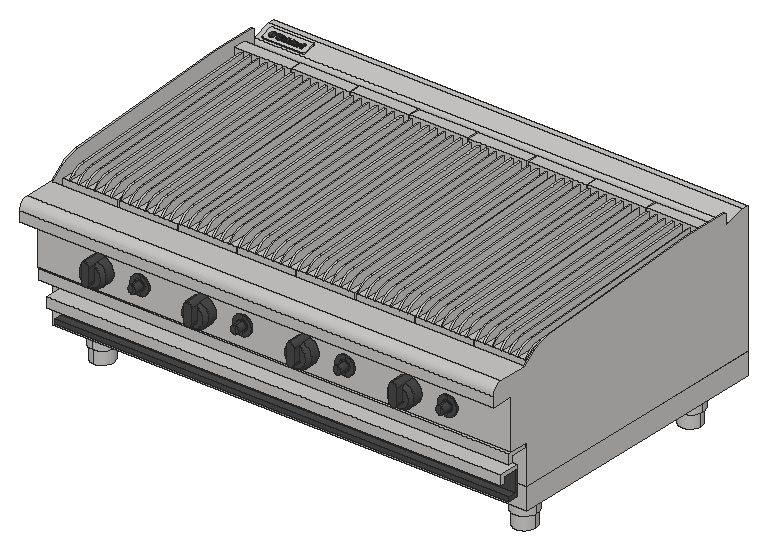
Revit family "QF_MOFFAT WALDORF_CHL8120G-B", category Specialty Equipment, Revit 2012
Parameters
  Weight in Pounds = 0
  URL Cutsheet = "www.moffat.com"
  URL = "www.moffat.com"
  Type Mark [instance] = ""
  Status [instance] = ""
  Specification by User [instance] = ""
  Specification by Manufacturer = ""
  Show Logo [instance] = yes
  Serial Number = ""
  Seismic Rating = ""
  SMACNA No = ""
  Revision Code [instance] = ""
  Omniclass Number and Title = ""
  NAFEM Spec ID Number = ""
  Model = "CHL8120G-B"
  Mechanical Remarks [instance] = ""
  Mechanical Connection Type [instance] = ""
  Masterspec = ""
  Manufacturer = "MOFFAT WALDORF"
  Item Number [instance] = ""
  Installed By [instance] = ""
  Identify Quantity as Lot [instance] = yes
  Gas Size = 3/4"
  Gas RI Height [instance] = 0 mm
  Gas KW [instance] = 36.6
  Gas Input [instance] = 126060.0 Btu/h
  Gas Connection Height = 0 mm
  Furnished By [instance] = ""
  Foodservice Equipment Identifier [instance] = yes
  Description = "CHARGRILL LOW SPLASHBACK BENCH MOUNT"
  CSI MasterFormat = ""
  CSI Master Format = ""
  Body Finish = QF_Finishes_Stainless Steel
Reference planes
  plane 1 "BACK": y = 0
  plane 2: z = 0
  plane 3 "LEFT": x = 0
  plane 4 "RIGHT": x = 1200
  plane 5 "FRONT": y = -805
  plane 6 "TOP": z = 630
  plane 7 "Center Y": x = 600
  plane 8 "Center X": y = -402.5
  plane 9: z = 470
Forms (mm)
  Extrusion 1, solid, material "QF_Finishes_Stainless Steel" <- "Body Finish"
    sketch origin (0, 0, 0) x (0, 1, 0) y (0, 0, 1)
      loop
        line (-805, 391) -> (-805, 366) -> (-749, 366) -> (-749, 240) -> (-699, 240) -> (-699, 140) -> (0, 140) -> (0, 470) -> (-16.5, 470) -> (-61.106, 457.646)
        arc (-61.106, 457.646) -> (-67.52, 453.36) -> (-70, 446.055) r 12
        line (-70, 446.055) -> (-70, 375) -> (-705, 375) -> (-705, 415) -> (-781, 415)
        arc (-781, 415) -> (-797.971, 407.971) -> (-805, 391) r 24
      loop
        line (0, 85) -> (0, 139.206) -> (-699, 139.206) -> (-699, 85) -> (0, 85)
    from 0 to 1200
  Revolve 2, solid, material "QF_Finishes_Stainless Steel" <- "Body Finish"
    sketch origin (424.5, -625, 0) x (1, 0, 0) y (0, 0, -1)
      loop
        line (678.25, -85) -> (710, -85) -> (710, 0) -> (682.5, 0) -> (682.5, -35) -> (678.25, -35) -> (678.25, -85)
      axis (710, -85) -> (710, 0)
    angle from 0 to 360
  Revolve 3, solid, material "QF_Finishes_Stainless Steel" <- "Body Finish"
    sketch origin (424.5, -100, 0) x (1, 0, 0) y (0, 0, -1)
      loop
        line (678.25, -85) -> (710, -85) -> (710, 0) -> (682.5, 0) -> (682.5, -35) -> (678.25, -35) -> (678.25, -85)
      axis (710, -85) -> (710, 0)
    angle from 0 to 360
  Revolve 4, solid, material "QF_Finishes_Stainless Steel" <- "Body Finish"
    sketch origin (65.5, -735, 0) x (0, 1, 0) y (0, 0, 1)
      loop
        line (78.25, 85) -> (78.25, 35) -> (82.5, 35) -> (82.5, 0) -> (110, 0) -> (110, 85) -> (78.25, 85)
      axis (110, 85) -> (110, 0)
    angle from 0 to 360
  Revolve 5, solid, material "QF_Finishes_Stainless Steel" <- "Body Finish"
    sketch origin (65.5, -210, 0) x (0, 1, 0) y (0, 0, 1)
      loop
        line (78.25, 85) -> (78.25, 35) -> (82.5, 35) -> (82.5, 0) -> (110, 0) -> (110, 85) -> (78.25, 85)
      axis (110, 85) -> (110, 0)
    angle from 0 to 360
  Extrusion 6, solid, material "QF_Finishes_Stainless Steel" <- "Body Finish"
    sketch origin (0, 0, 0) x (0, 1, 0) y (0, 0, 1)
      loop
        line (-70, 375) -> (-70, 480)
        arc (-70, 480) -> (-71.464, 483.536) -> (-75, 485) r 5
        line (-75, 485) -> (-191, 485) -> (-626.365, 454.556)
        arc (-626.365, 454.556) -> (-652.77, 449.064) -> (-676.747, 436.715) r 100
        line (-676.747, 436.715) -> (-705, 415) -> (-705, 375) -> (-70, 375)
    from 0 to 4.5
  Extrusion 7, solid, material "QF_Finishes_Stainless Steel" <- "Body Finish"
    sketch origin (1200, 0, 0) x (0, 1, 0) y (0, 0, -1)
      loop
        line (-70, -375) -> (-705, -375) -> (-705, -415) -> (-676.747, -436.715)
        arc (-676.747, -436.715) -> (-652.77, -449.064) -> (-626.365, -454.556) r 100
        line (-626.365, -454.556) -> (-191, -485) -> (-75, -485)
        arc (-75, -485) -> (-71.464, -483.536) -> (-70, -480) r 5
        line (-70, -480) -> (-70, -375)
    from 0 to 3
  Revolve 8, solid, material "QF_Finishes_Black"
    sketch origin (168, 0, 0) x (0, 1, 0) y (0, 0, 1)
      loop
        line (-782, 329.5) -> (-793, 323.651) -> (-793, 297) -> (-749, 297) -> (-749, 302) -> (-759, 302) -> (-759, 329.5) -> (-782, 329.5)
      axis (-793, 297) -> (-749, 297)
    angle from 0 to 360
  Extrusion 9, solid, material "QF_Finishes_Black"
    sketch origin (29.887, 0, 0) x (1, 0, 0) y (0, 0, 1)
      loop
        line (148.3, 289) -> (148.3, 324)
        arc (148.3, 324) -> (138.3, 334) -> (128.3, 324) r 10
        line (128.3, 324) -> (128.3, 289)
        arc (128.3, 289) -> (138.3, 279) -> (148.3, 289) r 10
    from 759 to 808
  Revolve 10, solid, material "QF_Finishes_Black"
    sketch origin (428, 0, 0) x (0, 1, 0) y (0, 0, -1)
      loop
        line (-782, -329.5) -> (-759, -329.5) -> (-759, -302) -> (-749, -302) -> (-749, -297) -> (-793, -297) -> (-793, -323.651) -> (-782, -329.5)
      axis (-793, -297) -> (-749, -297)
    angle from 0 to 360
  Extrusion 11, solid, material "QF_Finishes_Black"
    sketch origin (266.198, 0, 0) x (-1, 0, 0) y (0, 0, -1)
      loop
        arc (-151.7, -289) -> (-161.7, -279) -> (-171.7, -289) r 10
        line (-171.7, -289) -> (-171.7, -324)
        arc (-171.7, -324) -> (-161.7, -334) -> (-151.7, -324) r 10
        line (-151.7, -324) -> (-151.7, -289)
    from 759 to 808
  Revolve 12, solid, material "QF_Finishes_Black"
    sketch origin (268.187, 0, 0) x (0, 1, 0) y (0, 0, 1)
      loop
        line (-759, 302) -> (-759, 321) -> (-761.705, 321) -> (-761.705, 309.85) -> (-762.85, 309.85) -> (-762.85, 306.825) -> (-784.88, 306.825) -> (-784.88, 297) -> (-749, 297) -> (-749, 302) -> (-759, 302)
      axis (-749, 297) -> (-784.88, 297)
    angle from 0 to 360
  Revolve 13, solid, material "QF_Finishes_Black"
    sketch origin (528.014, 0, 0) x (0, 1, 0) y (0, 0, 1)
      loop
        line (-759, 302) -> (-759, 321) -> (-761.705, 321) -> (-761.705, 309.85) -> (-762.85, 309.85) -> (-762.85, 306.825) -> (-784.88, 306.825) -> (-784.88, 297) -> (-749, 297) -> (-749, 302) -> (-759, 302)
      axis (-749, 297) -> (-784.88, 297)
    angle from 0 to 360
  Extrusion 14, solid, material "QF_Finishes_Stainless Steel"
    sketch origin (276, 0, 0) x (0, 1, 0) y (0, 0, 1)
      loop
        line (-132, 410.364) -> (-132, 462.849) -> (-630.852, 432.53)
        arc (-630.852, 432.53) -> (-656.098, 425.97) -> (-677, 410.364) r 67.81
        line (-677, 410.364) -> (-132, 410.364)
    from 0 to 4.5
  Extrusion 15, solid, material "QF_Finishes_Stainless Steel"
    sketch origin (255, 0, 0) x (0, 1, 0) y (0, 0, 1)
      loop
        line (-132, 410.364) -> (-132, 462.849) -> (-630.852, 432.53)
        arc (-630.852, 432.53) -> (-656.098, 425.97) -> (-677, 410.364) r 67.81
        line (-677, 410.364) -> (-132, 410.364)
    from 0 to 4.5
  Extrusion 16, solid, material "QF_Finishes_Stainless Steel"
    sketch origin (234, 0, 0) x (0, 1, 0) y (0, 0, 1)
      loop
        line (-132, 410.364) -> (-132, 462.849) -> (-630.852, 432.53)
        arc (-630.852, 432.53) -> (-656.098, 425.97) -> (-677, 410.364) r 67.81
        line (-677, 410.364) -> (-132, 410.364)
    from 0 to 4.5
  Extrusion 17, solid, material "QF_Finishes_Stainless Steel"
    sketch origin (213, 0, 0) x (0, 1, 0) y (0, 0, 1)
      loop
        line (-132, 410.364) -> (-132, 462.849) -> (-630.852, 432.53)
        arc (-630.852, 432.53) -> (-656.098, 425.97) -> (-677, 410.364) r 67.81
        line (-677, 410.364) -> (-132, 410.364)
    from 0 to 4.5
  Extrusion 18, solid, material "QF_Finishes_Stainless Steel"
    sketch origin (192, 0, 0) x (0, 1, 0) y (0, 0, 1)
      loop
        line (-132, 410.364) -> (-132, 462.849) -> (-630.852, 432.53)
        arc (-630.852, 432.53) -> (-656.098, 425.97) -> (-677, 410.364) r 67.81
        line (-677, 410.364) -> (-132, 410.364)
    from 0 to 4.5
  Extrusion 19, solid, material "QF_Finishes_Stainless Steel"
    sketch origin (171, 0, 0) x (0, 1, 0) y (0, 0, 1)
      loop
        line (-132, 410.364) -> (-132, 462.849) -> (-630.852, 432.53)
        arc (-630.852, 432.53) -> (-656.098, 425.97) -> (-677, 410.364) r 67.81
        line (-677, 410.364) -> (-132, 410.364)
    from 0 to 4.5
  Extrusion 20, solid, material "QF_Finishes_Stainless Steel"
    sketch origin (150, 0, 0) x (0, 1, 0) y (0, 0, 1)
      loop
        line (-132, 410.364) -> (-132, 462.849) -> (-630.852, 432.53)
        arc (-630.852, 432.53) -> (-656.098, 425.97) -> (-677, 410.364) r 67.81
        line (-677, 410.364) -> (-132, 410.364)
    from 0 to 4.5
  Extrusion 21, solid, material "QF_Finishes_Stainless Steel"
    sketch origin (126, 0, 0) x (0, 1, 0) y (0, 0, 1)
      loop
        line (-132, 410.364) -> (-132, 462.849) -> (-630.852, 432.53)
        arc (-630.852, 432.53) -> (-656.098, 425.97) -> (-677, 410.364) r 67.81
        line (-677, 410.364) -> (-132, 410.364)
    from 0 to 4.5
  Extrusion 22, solid, material "QF_Finishes_Stainless Steel"
    sketch origin (105, 0, 0) x (0, 1, 0) y (0, 0, 1)
      loop
        line (-132, 410.364) -> (-132, 462.849) -> (-630.852, 432.53)
        arc (-630.852, 432.53) -> (-656.098, 425.97) -> (-677, 410.364) r 67.81
        line (-677, 410.364) -> (-132, 410.364)
    from 0 to 4.5
  Extrusion 23, solid, material "QF_Finishes_Stainless Steel"
    sketch origin (84, 0, 0) x (0, 1, 0) y (0, 0, 1)
      loop
        line (-132, 410.364) -> (-132, 462.849) -> (-630.852, 432.53)
        arc (-630.852, 432.53) -> (-656.098, 425.97) -> (-677, 410.364) r 67.81
        line (-677, 410.364) -> (-132, 410.364)
    from 0 to 4.5
  Extrusion 24, solid, material "QF_Finishes_Stainless Steel"
    sketch origin (63, 0, 0) x (0, 1, 0) y (0, 0, 1)
      loop
        line (-132, 410.364) -> (-132, 462.849) -> (-630.852, 432.53)
        arc (-630.852, 432.53) -> (-656.098, 425.97) -> (-677, 410.364) r 67.81
        line (-677, 410.364) -> (-132, 410.364)
    from 0 to 4.5
  Extrusion 25, solid, material "QF_Finishes_Stainless Steel"
    sketch origin (42, 0, 0) x (0, 1, 0) y (0, 0, 1)
      loop
        line (-132, 410.364) -> (-132, 462.849) -> (-630.852, 432.53)
        arc (-630.852, 432.53) -> (-656.098, 425.97) -> (-677, 410.364) r 67.81
        line (-677, 410.364) -> (-132, 410.364)
    from 0 to 4.5
  Extrusion 26, solid, material "QF_Finishes_Stainless Steel"
    sketch origin (21, 0, 0) x (0, 1, 0) y (0, 0, 1)
      loop
        line (-132, 410.364) -> (-132, 462.849) -> (-630.852, 432.53)
        arc (-630.852, 432.53) -> (-656.098, 425.97) -> (-677, 410.364) r 67.81
        line (-677, 410.364) -> (-132, 410.364)
    from 0 to 4.5
  Extrusion 27, solid, material "QF_Finishes_Stainless Steel"
    sketch origin (426, 0, 0) x (0, 1, 0) y (0, 0, 1)
      loop
        line (-132, 410.364) -> (-132, 462.849) -> (-630.852, 432.53)
        arc (-630.852, 432.53) -> (-656.098, 425.97) -> (-677, 410.364) r 67.81
        line (-677, 410.364) -> (-132, 410.364)
    from 0 to 4.5
  Extrusion 28, solid, material "QF_Finishes_Stainless Steel"
    sketch origin (405, 0, 0) x (0, 1, 0) y (0, 0, 1)
      loop
        line (-132, 410.364) -> (-132, 462.849) -> (-630.852, 432.53)
        arc (-630.852, 432.53) -> (-656.098, 425.97) -> (-677, 410.364) r 67.81
        line (-677, 410.364) -> (-132, 410.364)
    from 0 to 4.5
  Extrusion 29, solid, material "QF_Finishes_Stainless Steel"
    sketch origin (384, 0, 0) x (0, 1, 0) y (0, 0, 1)
      loop
        line (-132, 410.364) -> (-132, 462.849) -> (-630.852, 432.53)
        arc (-630.852, 432.53) -> (-656.098, 425.97) -> (-677, 410.364) r 67.81
        line (-677, 410.364) -> (-132, 410.364)
    from 0 to 4.5
  Extrusion 30, solid, material "QF_Finishes_Stainless Steel"
    sketch origin (363, 0, 0) x (0, 1, 0) y (0, 0, 1)
      loop
        line (-132, 410.364) -> (-132, 462.849) -> (-630.852, 432.53)
        arc (-630.852, 432.53) -> (-656.098, 425.97) -> (-677, 410.364) r 67.81
        line (-677, 410.364) -> (-132, 410.364)
    from 0 to 4.5
  Extrusion 31, solid, material "QF_Finishes_Stainless Steel"
    sketch origin (342, 0, 0) x (0, 1, 0) y (0, 0, 1)
      loop
        line (-132, 410.364) -> (-132, 462.849) -> (-630.852, 432.53)
        arc (-630.852, 432.53) -> (-656.098, 425.97) -> (-677, 410.364) r 67.81
        line (-677, 410.364) -> (-132, 410.364)
    from 0 to 4.5
  Extrusion 32, solid, material "QF_Finishes_Stainless Steel"
    sketch origin (321, 0, 0) x (0, 1, 0) y (0, 0, 1)
      loop
        line (-132, 410.364) -> (-132, 462.849) -> (-630.852, 432.53)
        arc (-630.852, 432.53) -> (-656.098, 425.97) -> (-677, 410.364) r 67.81
        line (-677, 410.364) -> (-132, 410.364)
    from 0 to 4.5
  Extrusion 33, solid, material "QF_Finishes_Stainless Steel"
    sketch origin (300, 0, 0) x (0, 1, 0) y (0, 0, 1)
      loop
        line (-132, 410.364) -> (-132, 462.849) -> (-630.852, 432.53)
        arc (-630.852, 432.53) -> (-656.098, 425.97) -> (-677, 410.364) r 67.81
        line (-677, 410.364) -> (-132, 410.364)
    from 0 to 4.5
  Extrusion 34, solid, material "QF_Finishes_Stainless Steel"
    sketch origin (576, 0, 0) x (0, 1, 0) y (0, 0, 1)
      loop
        line (-132, 410.364) -> (-132, 462.849) -> (-630.852, 432.53)
        arc (-630.852, 432.53) -> (-656.098, 425.97) -> (-677, 410.364) r 67.81
        line (-677, 410.364) -> (-132, 410.364)
    from 0 to 4.5
  Extrusion 35, solid, material "QF_Finishes_Stainless Steel"
    sketch origin (555, 0, 0) x (0, 1, 0) y (0, 0, 1)
      loop
        line (-132, 410.364) -> (-132, 462.849) -> (-630.852, 432.53)
        arc (-630.852, 432.53) -> (-656.098, 425.97) -> (-677, 410.364) r 67.81
        line (-677, 410.364) -> (-132, 410.364)
    from 0 to 4.5
  Extrusion 36, solid, material "QF_Finishes_Stainless Steel"
    sketch origin (534, 0, 0) x (0, 1, 0) y (0, 0, 1)
      loop
        line (-132, 410.364) -> (-132, 462.849) -> (-630.852, 432.53)
        arc (-630.852, 432.53) -> (-656.098, 425.97) -> (-677, 410.364) r 67.81
        line (-677, 410.364) -> (-132, 410.364)
    from 0 to 4.5
  Extrusion 37, solid, material "QF_Finishes_Stainless Steel"
    sketch origin (513, 0, 0) x (0, 1, 0) y (0, 0, 1)
      loop
        line (-132, 410.364) -> (-132, 462.849) -> (-630.852, 432.53)
        arc (-630.852, 432.53) -> (-656.098, 425.97) -> (-677, 410.364) r 67.81
        line (-677, 410.364) -> (-132, 410.364)
    from 0 to 4.5
  Extrusion 38, solid, material "QF_Finishes_Stainless Steel"
    sketch origin (492, 0, 0) x (0, 1, 0) y (0, 0, 1)
      loop
        line (-132, 410.364) -> (-132, 462.849) -> (-630.852, 432.53)
        arc (-630.852, 432.53) -> (-656.098, 425.97) -> (-677, 410.364) r 67.81
        line (-677, 410.364) -> (-132, 410.364)
    from 0 to 4.5
  Extrusion 39, solid, material "QF_Finishes_Stainless Steel"
    sketch origin (471, 0, 0) x (0, 1, 0) y (0, 0, 1)
      loop
        line (-132, 410.364) -> (-132, 462.849) -> (-630.852, 432.53)
        arc (-630.852, 432.53) -> (-656.098, 425.97) -> (-677, 410.364) r 67.81
        line (-677, 410.364) -> (-132, 410.364)
    from 0 to 4.5
  Extrusion 40, solid, material "QF_Finishes_Stainless Steel"
    sketch origin (450, 0, 0) x (0, 1, 0) y (0, 0, 1)
      loop
        line (-132, 410.364) -> (-132, 462.849) -> (-630.852, 432.53)
        arc (-630.852, 432.53) -> (-656.098, 425.97) -> (-677, 410.364) r 67.81
        line (-677, 410.364) -> (-132, 410.364)
    from 0 to 4.5
  Extrusion 41, solid, material "QF_Finishes_Stainless Steel"
    sketch origin (1, 3, -500) x (1, 0, 0) y (0, 1, 0)
      loop
        circle (215, -35) r 13.5
    from 555 to 585
  Extrusion 42, solid, material "QF_Finishes_Black"
    sketch origin (1, 0, 0) x (0, 1, 0) y (0, 0, 1)
      loop
        line (-704, 171.797) -> (-704, 118.047) -> (-724, 118.047) -> (-724, 108.047) -> (-685.346, 108.047) -> (-685.346, 171.797) -> (-704, 171.797)
    from 24.12 to 1174.007
  Extrusion 43, solid, material "QF_Finishes_Stainless Steel"
    sketch origin (0, 0, 0) x (0, 1, 0) y (0, 0, 1)
      loop
        line (-751.27, 211.219) -> (-741.27, 211.219) -> (-741.27, 226.219) -> (-699, 226.219) -> (-699, 236.219) -> (-751.27, 236.219) -> (-751.27, 211.219)
    from 5.013 to 1195
  Extrusion 44, solid, material "QF_Finishes_Stainless Steel"
    sketch origin (0, 0, -54.422) x (0, 1, 0) y (0, 0, 1)
      loop
        line (-751.27, 211.219) -> (-741.27, 211.219) -> (-741.27, 226.219) -> (-685.346, 226.219) -> (-685.346, 236.219) -> (-751.27, 236.219) -> (-751.27, 211.219)
    from 25.12 to 1175.007
  Extrusion 45, solid, material "QF_Finishes_Stainless Steel"
    sketch origin (0, 0, 0) x (0, 1, 0) y (0, 0, 1)
      loop
        line (-132, 410.364) -> (-677, 410.364) -> (-677, 375) -> (-102, 375) -> (-102, 470) -> (-132, 470) -> (-132, 410.364)
    from 4.5 to 147
  Extrusion 46, solid, material "QF_Finishes_Stainless Steel"
    sketch origin (145.5, 0, 0) x (0, 1, 0) y (0, 0, 1)
      loop
        line (-132, 410.364) -> (-677, 410.364) -> (-677, 375) -> (-102, 375) -> (-102, 470) -> (-132, 470) -> (-132, 410.364)
    from 4.5 to 151.5
  Extrusion 47, solid, material "QF_Finishes_Stainless Steel"
    sketch origin (295.5, 0, 0) x (0, 1, 0) y (0, 0, 1)
      loop
        line (-132, 410.364) -> (-677, 410.364) -> (-677, 375) -> (-102, 375) -> (-102, 470) -> (-132, 470) -> (-132, 410.364)
    from 4.5 to 151.5
  Extrusion 48, solid, material "QF_Finishes_Stainless Steel"
    sketch origin (445.5, 0, 0) x (0, 1, 0) y (0, 0, 1)
      loop
        line (-132, 410.364) -> (-677, 410.364) -> (-677, 375) -> (-102, 375) -> (-102, 470) -> (-132, 470) -> (-132, 410.364)
    from 4.5 to 151.5
  Extrusion 49, solid, material "QF_Finishes_Stainless Steel"
    sketch origin (726, 0, 0) x (0, 1, 0) y (0, 0, 1)
      loop
        line (-132, 410.364) -> (-132, 462.849) -> (-630.852, 432.53)
        arc (-630.852, 432.53) -> (-656.098, 425.97) -> (-677, 410.364) r 67.81
        line (-677, 410.364) -> (-132, 410.364)
    from 0 to 4.5
  Extrusion 50, solid, material "QF_Finishes_Stainless Steel"
    sketch origin (705, 0, 0) x (0, 1, 0) y (0, 0, 1)
      loop
        line (-132, 410.364) -> (-132, 462.849) -> (-630.852, 432.53)
        arc (-630.852, 432.53) -> (-656.098, 425.97) -> (-677, 410.364) r 67.81
        line (-677, 410.364) -> (-132, 410.364)
    from 0 to 4.5
  Extrusion 51, solid, material "QF_Finishes_Stainless Steel"
    sketch origin (684, 0, 0) x (0, 1, 0) y (0, 0, 1)
      loop
        line (-132, 410.364) -> (-132, 462.849) -> (-630.852, 432.53)
        arc (-630.852, 432.53) -> (-656.098, 425.97) -> (-677, 410.364) r 67.81
        line (-677, 410.364) -> (-132, 410.364)
    from 0 to 4.5
  Extrusion 52, solid, material "QF_Finishes_Stainless Steel"
    sketch origin (663, 0, 0) x (0, 1, 0) y (0, 0, 1)
      loop
        line (-132, 410.364) -> (-132, 462.849) -> (-630.852, 432.53)
        arc (-630.852, 432.53) -> (-656.098, 425.97) -> (-677, 410.364) r 67.81
        line (-677, 410.364) -> (-132, 410.364)
    from 0 to 4.5
  Extrusion 53, solid, material "QF_Finishes_Stainless Steel"
    sketch origin (642, 0, 0) x (0, 1, 0) y (0, 0, 1)
      loop
        line (-132, 410.364) -> (-132, 462.849) -> (-630.852, 432.53)
        arc (-630.852, 432.53) -> (-656.098, 425.97) -> (-677, 410.364) r 67.81
        line (-677, 410.364) -> (-132, 410.364)
    from 0 to 4.5
  Extrusion 54, solid, material "QF_Finishes_Stainless Steel"
    sketch origin (621, 0, 0) x (0, 1, 0) y (0, 0, 1)
      loop
        line (-132, 410.364) -> (-132, 462.849) -> (-630.852, 432.53)
        arc (-630.852, 432.53) -> (-656.098, 425.97) -> (-677, 410.364) r 67.81
        line (-677, 410.364) -> (-132, 410.364)
    from 0 to 4.5
  Extrusion 55, solid, material "QF_Finishes_Stainless Steel"
    sketch origin (600, 0, 0) x (0, 1, 0) y (0, 0, 1)
      loop
        line (-132, 410.364) -> (-132, 462.849) -> (-630.852, 432.53)
        arc (-630.852, 432.53) -> (-656.098, 425.97) -> (-677, 410.364) r 67.81
        line (-677, 410.364) -> (-132, 410.364)
    from 0 to 4.5
  Extrusion 56, solid, material "QF_Finishes_Stainless Steel"
    sketch origin (595.5, 0, 0) x (0, 1, 0) y (0, 0, 1)
      loop
        line (-132, 410.364) -> (-677, 410.364) -> (-677, 375) -> (-102, 375) -> (-102, 470) -> (-132, 470) -> (-132, 410.364)
    from 4.5 to 151.5
  Extrusion 57, solid, material "QF_Finishes_Stainless Steel"
    sketch origin (876, 0, 0) x (0, 1, 0) y (0, 0, 1)
      loop
        line (-132, 410.364) -> (-132, 462.849) -> (-630.852, 432.53)
        arc (-630.852, 432.53) -> (-656.098, 425.97) -> (-677, 410.364) r 67.81
        line (-677, 410.364) -> (-132, 410.364)
    from 0 to 4.5
  Extrusion 58, solid, material "QF_Finishes_Stainless Steel"
    sketch origin (855, 0, 0) x (0, 1, 0) y (0, 0, 1)
      loop
        line (-132, 410.364) -> (-132, 462.849) -> (-630.852, 432.53)
        arc (-630.852, 432.53) -> (-656.098, 425.97) -> (-677, 410.364) r 67.81
        line (-677, 410.364) -> (-132, 410.364)
    from 0 to 4.5
  Extrusion 59, solid, material "QF_Finishes_Stainless Steel"
    sketch origin (834, 0, 0) x (0, 1, 0) y (0, 0, 1)
      loop
        line (-132, 410.364) -> (-132, 462.849) -> (-630.852, 432.53)
        arc (-630.852, 432.53) -> (-656.098, 425.97) -> (-677, 410.364) r 67.81
        line (-677, 410.364) -> (-132, 410.364)
    from 0 to 4.5
  Extrusion 60, solid, material "QF_Finishes_Stainless Steel"
    sketch origin (813, 0, 0) x (0, 1, 0) y (0, 0, 1)
      loop
        line (-132, 410.364) -> (-132, 462.849) -> (-630.852, 432.53)
        arc (-630.852, 432.53) -> (-656.098, 425.97) -> (-677, 410.364) r 67.81
        line (-677, 410.364) -> (-132, 410.364)
    from 0 to 4.5
  Extrusion 61, solid, material "QF_Finishes_Stainless Steel"
    sketch origin (792, 0, 0) x (0, 1, 0) y (0, 0, 1)
      loop
        line (-132, 410.364) -> (-132, 462.849) -> (-630.852, 432.53)
        arc (-630.852, 432.53) -> (-656.098, 425.97) -> (-677, 410.364) r 67.81
        line (-677, 410.364) -> (-132, 410.364)
    from 0 to 4.5
  Extrusion 62, solid, material "QF_Finishes_Stainless Steel"
    sketch origin (771, 0, 0) x (0, 1, 0) y (0, 0, 1)
      loop
        line (-132, 410.364) -> (-132, 462.849) -> (-630.852, 432.53)
        arc (-630.852, 432.53) -> (-656.098, 425.97) -> (-677, 410.364) r 67.81
        line (-677, 410.364) -> (-132, 410.364)
    from 0 to 4.5
  Extrusion 63, solid, material "QF_Finishes_Stainless Steel"
    sketch origin (750, 0, 0) x (0, 1, 0) y (0, 0, 1)
      loop
        line (-132, 410.364) -> (-132, 462.849) -> (-630.852, 432.53)
        arc (-630.852, 432.53) -> (-656.098, 425.97) -> (-677, 410.364) r 67.81
        line (-677, 410.364) -> (-132, 410.364)
    from 0 to 4.5
  Extrusion 64, solid, material "QF_Finishes_Stainless Steel"
    sketch origin (745.5, 0, 0) x (0, 1, 0) y (0, 0, 1)
      loop
        line (-132, 410.364) -> (-677, 410.364) -> (-677, 375) -> (-102, 375) -> (-102, 470) -> (-132, 470) -> (-132, 410.364)
    from 4.5 to 151.5
  Revolve 65, solid, material "QF_Finishes_Black"
    sketch origin (688, 0, 0) x (0, 1, 0) y (0, 0, -1)
      loop
        line (-782, -329.5) -> (-759, -329.5) -> (-759, -302) -> (-749, -302) -> (-749, -297) -> (-793, -297) -> (-793, -323.651) -> (-782, -329.5)
      axis (-793, -297) -> (-749, -297)
    angle from 0 to 360
  Extrusion 66, solid, material "QF_Finishes_Black"
    sketch origin (526.309, 0, 0) x (-1, 0, 0) y (0, 0, -1)
      loop
        arc (-151.7, -289) -> (-161.7, -279) -> (-171.7, -289) r 10
        line (-171.7, -289) -> (-171.7, -324)
        arc (-171.7, -324) -> (-161.7, -334) -> (-151.7, -324) r 10
        line (-151.7, -324) -> (-151.7, -289)
    from 759 to 808
  Revolve 67, solid, material "QF_Finishes_Black"
    sketch origin (788.014, 0, 0) x (0, 1, 0) y (0, 0, 1)
      loop
        line (-759, 302) -> (-759, 321) -> (-761.705, 321) -> (-761.705, 309.85) -> (-762.85, 309.85) -> (-762.85, 306.825) -> (-784.88, 306.825) -> (-784.88, 297) -> (-749, 297) -> (-749, 302) -> (-759, 302)
      axis (-749, 297) -> (-784.88, 297)
    angle from 0 to 360
  Revolve 68, solid, material "QF_Finishes_Black"
    sketch origin (948, 0, 0) x (0, 1, 0) y (0, 0, -1)
      loop
        line (-782, -329.5) -> (-759, -329.5) -> (-759, -302) -> (-749, -302) -> (-749, -297) -> (-793, -297) -> (-793, -323.651) -> (-782, -329.5)
      axis (-793, -297) -> (-749, -297)
    angle from 0 to 360
  Extrusion 69, solid, material "QF_Finishes_Black"
    sketch origin (786.309, 0, 0) x (-1, 0, 0) y (0, 0, -1)
      loop
        arc (-151.7, -289) -> (-161.7, -279) -> (-171.7, -289) r 10
        line (-171.7, -289) -> (-171.7, -324)
        arc (-171.7, -324) -> (-161.7, -334) -> (-151.7, -324) r 10
        line (-151.7, -324) -> (-151.7, -289)
    from 759 to 808
  Revolve 70, solid, material "QF_Finishes_Black"
    sketch origin (1048.014, 0, 0) x (0, 1, 0) y (0, 0, 1)
      loop
        line (-759, 302) -> (-759, 321) -> (-761.705, 321) -> (-761.705, 309.85) -> (-762.85, 309.85) -> (-762.85, 306.825) -> (-784.88, 306.825) -> (-784.88, 297) -> (-749, 297) -> (-749, 302) -> (-759, 302)
      axis (-749, 297) -> (-784.88, 297)
    angle from 0 to 360
  Extrusion 71, solid, material "QF_Finishes_Stainless Steel"
    sketch origin (1026, 0, 0) x (0, 1, 0) y (0, 0, 1)
      loop
        line (-132, 410.364) -> (-132, 462.849) -> (-630.852, 432.53)
        arc (-630.852, 432.53) -> (-656.098, 425.97) -> (-677, 410.364) r 67.81
        line (-677, 410.364) -> (-132, 410.364)
    from 0 to 4.5
  Extrusion 72, solid, material "QF_Finishes_Stainless Steel"
    sketch origin (1005, 0, 0) x (0, 1, 0) y (0, 0, 1)
      loop
        line (-132, 410.364) -> (-132, 462.849) -> (-630.852, 432.53)
        arc (-630.852, 432.53) -> (-656.098, 425.97) -> (-677, 410.364) r 67.81
        line (-677, 410.364) -> (-132, 410.364)
    from 0 to 4.5
  Extrusion 73, solid, material "QF_Finishes_Stainless Steel"
    sketch origin (984, 0, 0) x (0, 1, 0) y (0, 0, 1)
      loop
        line (-132, 410.364) -> (-132, 462.849) -> (-630.852, 432.53)
        arc (-630.852, 432.53) -> (-656.098, 425.97) -> (-677, 410.364) r 67.81
        line (-677, 410.364) -> (-132, 410.364)
    from 0 to 4.5
  Extrusion 74, solid, material "QF_Finishes_Stainless Steel"
    sketch origin (963, 0, 0) x (0, 1, 0) y (0, 0, 1)
      loop
        line (-132, 410.364) -> (-132, 462.849) -> (-630.852, 432.53)
        arc (-630.852, 432.53) -> (-656.098, 425.97) -> (-677, 410.364) r 67.81
        line (-677, 410.364) -> (-132, 410.364)
    from 0 to 4.5
  Extrusion 75, solid, material "QF_Finishes_Stainless Steel"
    sketch origin (942, 0, 0) x (0, 1, 0) y (0, 0, 1)
      loop
        line (-132, 410.364) -> (-132, 462.849) -> (-630.852, 432.53)
        arc (-630.852, 432.53) -> (-656.098, 425.97) -> (-677, 410.364) r 67.81
        line (-677, 410.364) -> (-132, 410.364)
    from 0 to 4.5
  Extrusion 76, solid, material "QF_Finishes_Stainless Steel"
    sketch origin (921, 0, 0) x (0, 1, 0) y (0, 0, 1)
      loop
        line (-132, 410.364) -> (-132, 462.849) -> (-630.852, 432.53)
        arc (-630.852, 432.53) -> (-656.098, 425.97) -> (-677, 410.364) r 67.81
        line (-677, 410.364) -> (-132, 410.364)
    from 0 to 4.5
  Extrusion 77, solid, material "QF_Finishes_Stainless Steel"
    sketch origin (900, 0, 0) x (0, 1, 0) y (0, 0, 1)
      loop
        line (-132, 410.364) -> (-132, 462.849) -> (-630.852, 432.53)
        arc (-630.852, 432.53) -> (-656.098, 425.97) -> (-677, 410.364) r 67.81
        line (-677, 410.364) -> (-132, 410.364)
    from 0 to 4.5
  Extrusion 78, solid, material "QF_Finishes_Stainless Steel"
    sketch origin (895.5, 0, 0) x (0, 1, 0) y (0, 0, 1)
      loop
        line (-132, 410.364) -> (-677, 410.364) -> (-677, 375) -> (-102, 375) -> (-102, 470) -> (-132, 470) -> (-132, 410.364)
    from 4.5 to 151.5
  Extrusion 79, solid, material "QF_Finishes_Stainless Steel"
    sketch origin (1176, 0, 0) x (0, 1, 0) y (0, 0, 1)
      loop
        line (-132, 410.364) -> (-132, 462.849) -> (-630.852, 432.53)
        arc (-630.852, 432.53) -> (-656.098, 425.97) -> (-677, 410.364) r 67.81
        line (-677, 410.364) -> (-132, 410.364)
    from 0 to 4.5
  Extrusion 80, solid, material "QF_Finishes_Stainless Steel"
    sketch origin (1155, 0, 0) x (0, 1, 0) y (0, 0, 1)
      loop
        line (-132, 410.364) -> (-132, 462.849) -> (-630.852, 432.53)
        arc (-630.852, 432.53) -> (-656.098, 425.97) -> (-677, 410.364) r 67.81
        line (-677, 410.364) -> (-132, 410.364)
    from 0 to 4.5
  Extrusion 81, solid, material "QF_Finishes_Stainless Steel"
    sketch origin (1134, 0, 0) x (0, 1, 0) y (0, 0, 1)
      loop
        line (-132, 410.364) -> (-132, 462.849) -> (-630.852, 432.53)
        arc (-630.852, 432.53) -> (-656.098, 425.97) -> (-677, 410.364) r 67.81
        line (-677, 410.364) -> (-132, 410.364)
    from 0 to 4.5
  Extrusion 82, solid, material "QF_Finishes_Stainless Steel"
    sketch origin (1113, 0, 0) x (0, 1, 0) y (0, 0, 1)
      loop
        line (-132, 410.364) -> (-132, 462.849) -> (-630.852, 432.53)
        arc (-630.852, 432.53) -> (-656.098, 425.97) -> (-677, 410.364) r 67.81
        line (-677, 410.364) -> (-132, 410.364)
    from 0 to 4.5
  Extrusion 83, solid, material "QF_Finishes_Stainless Steel"
    sketch origin (1092, 0, 0) x (0, 1, 0) y (0, 0, 1)
      loop
        line (-132, 410.364) -> (-132, 462.849) -> (-630.852, 432.53)
        arc (-630.852, 432.53) -> (-656.098, 425.97) -> (-677, 410.364) r 67.81
        line (-677, 410.364) -> (-132, 410.364)
    from 0 to 4.5
  Extrusion 84, solid, material "QF_Finishes_Stainless Steel"
    sketch origin (1071, 0, 0) x (0, 1, 0) y (0, 0, 1)
      loop
        line (-132, 410.364) -> (-132, 462.849) -> (-630.852, 432.53)
        arc (-630.852, 432.53) -> (-656.098, 425.97) -> (-677, 410.364) r 67.81
        line (-677, 410.364) -> (-132, 410.364)
    from 0 to 4.5
  Extrusion 85, solid, material "QF_Finishes_Stainless Steel"
    sketch origin (1050, 0, 0) x (0, 1, 0) y (0, 0, 1)
      loop
        line (-132, 410.364) -> (-132, 462.849) -> (-630.852, 432.53)
        arc (-630.852, 432.53) -> (-656.098, 425.97) -> (-677, 410.364) r 67.81
        line (-677, 410.364) -> (-132, 410.364)
    from 0 to 4.5
  Extrusion 86, solid, material "QF_Finishes_Stainless Steel"
    sketch origin (1045.5, 0, 0) x (0, 1, 0) y (0, 0, 1)
      loop
        line (-132, 410.364) -> (-677, 410.364) -> (-677, 375) -> (-102, 375) -> (-102, 470) -> (-132, 470) -> (-132, 410.364)
    from 4.5 to 151.5
Cuts and joins
  joined: Revolve 8, Extrusion 9
  joined: Revolve 10, Extrusion 11
  joined: Extrusion 1, Extrusion 6, Extrusion 7
Lines and regions (mm)
  Split face 1
    outline origin (0, -16.5, 470) x (0, -0.963721, -0.266912) y (1, 0, 0)
      loop
        line (1.962, 129.583) -> (28.336, 129.583) -> (28.336, 149.583) -> (1.962, 149.583) -> (1.962, 129.583)
  Split face 2
    outline origin (0, -16.5, 470) x (0, -0.963721, -0.266912) y (1, 0, 0)
      loop
        line (28.336, 156.5) -> (28.336, 176.5) -> (1.962, 176.5) -> (1.962, 156.5) -> (28.336, 156.5)
  Split face 3
    outline origin (0, -16.5, 470) x (0, -0.963721, -0.266912) y (1, 0, 0)
      loop
        line (28.336, 203.5) -> (1.962, 203.5) -> (1.962, 183.5) -> (28.336, 183.5) -> (28.336, 203.5)
  Split face 4
    outline origin (0, -16.5, 470) x (0, -0.963721, -0.266912) y (1, 0, 0)
      loop
        line (28.336, 230.5) -> (1.962, 230.5) -> (1.962, 210.5) -> (28.336, 210.5) -> (28.336, 230.5)
  Split face 5
    outline origin (0, -16.5, 470) x (0, -0.963721, -0.266912) y (1, 0, 0)
      loop
        line (28.336, 257.5) -> (1.962, 257.5) -> (1.962, 237.5) -> (28.336, 237.5) -> (28.336, 257.5)
  Split face 6
    outline origin (0, -16.5, 470) x (0, -0.963721, -0.266912) y (1, 0, 0)
      loop
        line (28.336, 264.5) -> (28.336, 284.5) -> (1.962, 284.5) -> (1.962, 264.5) -> (28.336, 264.5)
  Split face 7
    outline origin (0, -16.5, 470) x (0, -0.963721, -0.266912) y (1, 0, 0)
      loop
        line (28.336, 311.5) -> (1.962, 311.5) -> (1.962, 291.5) -> (28.336, 291.5) -> (28.336, 311.5)
  Split face 8
    outline origin (0, -16.5, 470) x (0, -0.963721, -0.266912) y (1, 0, 0)
      loop
        line (1.962, 338.5) -> (1.962, 318.5) -> (28.336, 318.5) -> (28.336, 338.5) -> (1.962, 338.5)
  Split face 9
    outline origin (0, -16.5, 470) x (0, -0.963721, -0.266912) y (1, 0, 0)
      loop
        line (1.962, 345.5) -> (28.336, 345.5) -> (28.336, 365.5) -> (1.962, 365.5) -> (1.962, 345.5)
  Split face 10
    outline origin (0, -16.5, 470) x (0, -0.963721, -0.266912) y (1, 0, 0)
      loop
        line (28.336, 372.579) -> (28.336, 392.579) -> (1.962, 392.579) -> (1.962, 372.579) -> (28.336, 372.579)
  Split face 11
    outline origin (0, -16.5, 470) x (0, -0.963721, -0.266912) y (1, 0, 0)
      loop
        line (28.336, 399.534) -> (28.336, 419.534) -> (1.962, 419.534) -> (1.962, 399.534) -> (28.336, 399.534)
  Split face 12
    outline origin (1200, -699, 240) x (-1, 0, 0) y (0, 0, -1)
      loop
        line (1174.88, 98.75) -> (24.993, 98.75) -> (24.993, 1.25) -> (1174.88, 1.25) -> (1174.88, 98.75)
  Split face 13
    outline origin (27, -16.5, 470) x (0, -0.963721, -0.266912) y (1, 0, 0)
      loop
        line (28.336, 399.534) -> (28.336, 419.534) -> (1.962, 419.534) -> (1.962, 399.534) -> (28.336, 399.534)
  Split face 14
    outline origin (-95.966, -16.5, 470) x (0, -0.963721, -0.266912) y (1, 0, 0)
      loop
        line (28.336, 549.534) -> (28.336, 569.534) -> (1.962, 569.534) -> (1.962, 549.534) -> (28.336, 549.534)
  Split face 15
    outline origin (-218.966, -16.5, 470) x (0, -0.963721, -0.266912) y (1, 0, 0)
      loop
        line (28.336, 699.534) -> (28.336, 719.534) -> (1.962, 719.534) -> (1.962, 699.534) -> (28.336, 699.534)
  Split face 16
    outline origin (-191.966, -16.5, 470) x (0, -0.963721, -0.266912) y (1, 0, 0)
      loop
        line (28.336, 699.534) -> (28.336, 719.534) -> (1.962, 719.534) -> (1.962, 699.534) -> (28.336, 699.534)
  Split face 17
    outline origin (-164.966, -16.5, 470) x (0, -0.963721, -0.266912) y (1, 0, 0)
      loop
        line (28.336, 699.534) -> (28.336, 719.534) -> (1.962, 719.534) -> (1.962, 699.534) -> (28.336, 699.534)
  Split face 18
    outline origin (-137.966, -16.5, 470) x (0, -0.963721, -0.266912) y (1, 0, 0)
      loop
        line (28.336, 699.534) -> (28.336, 719.534) -> (1.962, 719.534) -> (1.962, 699.534) -> (28.336, 699.534)
  Split face 19
    outline origin (-110.966, -16.5, 470) x (0, -0.963721, -0.266912) y (1, 0, 0)
      loop
        line (28.336, 699.534) -> (28.336, 719.534) -> (1.962, 719.534) -> (1.962, 699.534) -> (28.336, 699.534)
  Split face 20
    outline origin (-83.966, -16.5, 470) x (0, -0.963721, -0.266912) y (1, 0, 0)
      loop
        line (28.336, 699.534) -> (28.336, 719.534) -> (1.962, 719.534) -> (1.962, 699.534) -> (28.336, 699.534)
  Split face 21
    outline origin (-57, -16.5, 470) x (0, -0.963721, -0.266912) y (1, 0, 0)
      loop
        line (28.336, 699.534) -> (28.336, 719.534) -> (1.962, 719.534) -> (1.962, 699.534) -> (28.336, 699.534)
  Split face 22
    outline origin (-30, -16.5, 470) x (0, -0.963721, -0.266912) y (1, 0, 0)
      loop
        line (28.336, 699.534) -> (28.336, 719.534) -> (1.962, 719.534) -> (1.962, 699.534) -> (28.336, 699.534)
  Split face 23
    outline origin (-3, -16.5, 470) x (0, -0.963721, -0.266912) y (1, 0, 0)
      loop
        line (28.336, 699.534) -> (28.336, 719.534) -> (1.962, 719.534) -> (1.962, 699.534) -> (28.336, 699.534)
  Split face 24
    outline origin (24, -16.5, 470) x (0, -0.963721, -0.266912) y (1, 0, 0)
      loop
        line (28.336, 699.534) -> (28.336, 719.534) -> (1.962, 719.534) -> (1.962, 699.534) -> (28.336, 699.534)
  Split face 25
    outline origin (51, -16.5, 470) x (0, -0.963721, -0.266912) y (1, 0, 0)
      loop
        line (28.336, 699.534) -> (28.336, 719.534) -> (1.962, 719.534) -> (1.962, 699.534) -> (28.336, 699.534)
  Split face 26
    outline origin (78, -16.5, 470) x (0, -0.963721, -0.266912) y (1, 0, 0)
      loop
        line (28.336, 699.534) -> (28.336, 719.534) -> (1.962, 719.534) -> (1.962, 699.534) -> (28.336, 699.534)
  Split face 27
    outline origin (105, -16.5, 470) x (0, -0.963721, -0.266912) y (1, 0, 0)
      loop
        line (28.336, 699.534) -> (28.336, 719.534) -> (1.962, 719.534) -> (1.962, 699.534) -> (28.336, 699.534)
  Split face 28
    outline origin (132, -16.5, 470) x (0, -0.963721, -0.266912) y (1, 0, 0)
      loop
        line (28.336, 699.534) -> (28.336, 719.534) -> (1.962, 719.534) -> (1.962, 699.534) -> (28.336, 699.534)
  Split face 29
    outline origin (159, -16.5, 470) x (0, -0.963721, -0.266912) y (1, 0, 0)
      loop
        line (28.336, 699.534) -> (28.336, 719.534) -> (1.962, 719.534) -> (1.962, 699.534) -> (28.336, 699.534)
  Split face 30
    outline origin (186, -16.5, 470) x (0, -0.963721, -0.266912) y (1, 0, 0)
      loop
        line (28.336, 699.534) -> (28.336, 719.534) -> (1.962, 719.534) -> (1.962, 699.534) -> (28.336, 699.534)
  Split face 31
    outline origin (213, -16.5, 470) x (0, -0.963721, -0.266912) y (1, 0, 0)
      loop
        line (28.336, 699.534) -> (28.336, 719.534) -> (1.962, 719.534) -> (1.962, 699.534) -> (28.336, 699.534)
  Split face 32
    outline origin (240, -16.5, 470) x (0, -0.963721, -0.266912) y (1, 0, 0)
      loop
        line (28.336, 699.534) -> (28.336, 719.534) -> (1.962, 719.534) -> (1.962, 699.534) -> (28.336, 699.534)
  Split face 33
    outline origin (267, -16.5, 470) x (0, -0.963721, -0.266912) y (1, 0, 0)
      loop
        line (28.336, 699.534) -> (28.336, 719.534) -> (1.962, 719.534) -> (1.962, 699.534) -> (28.336, 699.534)
  Split face 34
    outline origin (294, -16.5, 470) x (0, -0.963721, -0.266912) y (1, 0, 0)
      loop
        line (28.336, 699.534) -> (28.336, 719.534) -> (1.962, 719.534) -> (1.962, 699.534) -> (28.336, 699.534)
  Split face 35
    outline origin (321, -16.5, 470) x (0, -0.963721, -0.266912) y (1, 0, 0)
      loop
        line (28.336, 699.534) -> (28.336, 719.534) -> (1.962, 719.534) -> (1.962, 699.534) -> (28.336, 699.534)
  Split face 36
    outline origin (348, -16.5, 470) x (0, -0.963721, -0.266912) y (1, 0, 0)
      loop
        line (28.336, 699.534) -> (28.336, 719.534) -> (1.962, 719.534) -> (1.962, 699.534) -> (28.336, 699.534)
  symbolic lines
    curve 1: line (0, 0, 0) -> (0, -805, 0)
    curve 2: line (1200, 0, 0) -> (0, 0, 0)
    curve 3: line (1200, -805, 0) -> (1200, 0, 0)
    curve 4: line (0, -70, 0) -> (1200, -70, 0)
    curve 5: line (0, -805, 0) -> (1200, -805, 0)
    curve 6: line (12.5, -51.234, 0) -> (12.5, -20.958, 0)
    curve 7: line (12.5, -20.958, 0) -> (121.5, -20.958, 0)
    curve 8: line (12.5, -51.234, 0) -> (121.5, -51.234, 0)
    curve 9: line (121.5, -20.958, 0) -> (121.5, -51.234, 0)
    curve 10: line (129.583, -22.262, 0) -> (129.583, -50.526, 0)
    curve 11: line (129.583, -50.526, 0) -> (149.583, -50.526, 0)
    curve 12: line (149.583, -50.526, 0) -> (149.583, -22.262, 0)
    curve 13: line (149.583, -22.262, 0) -> (129.583, -22.262, 0)
    curve 14: line (156.5, -22.262, 0) -> (156.5, -50.526, 0)
    curve 15: line (156.5, -50.526, 0) -> (176.5, -50.526, 0)
    curve 16: line (176.5, -50.526, 0) -> (176.5, -22.262, 0)
    curve 17: line (176.5, -22.262, 0) -> (156.5, -22.262, 0)
    curve 18: line (183.5, -22.262, 0) -> (183.5, -50.526, 0)
    curve 19: line (183.5, -50.526, 0) -> (203.5, -50.526, 0)
    curve 20: line (203.5, -50.526, 0) -> (203.5, -22.262, 0)
    curve 21: line (203.5, -22.262, 0) -> (183.5, -22.262, 0)
    curve 22: line (210.5, -22.262, 0) -> (210.5, -50.526, 0)
    curve 23: line (210.5, -50.526, 0) -> (230.5, -50.526, 0)
    curve 24: line (230.5, -50.526, 0) -> (230.5, -22.262, 0)
    curve 25: line (230.5, -22.262, 0) -> (210.5, -22.262, 0)
    curve 26: line (237.5, -22.262, 0) -> (237.5, -50.526, 0)
    curve 27: line (237.5, -50.526, 0) -> (257.5, -50.526, 0)
    curve 28: line (257.5, -50.526, 0) -> (257.5, -22.262, 0)
    curve 29: line (257.5, -22.262, 0) -> (237.5, -22.262, 0)
    curve 30: line (264.5, -22.262, 0) -> (264.5, -50.526, 0)
    curve 31: line (264.5, -50.526, 0) -> (284.5, -50.526, 0)
    curve 32: line (284.5, -50.526, 0) -> (284.5, -22.262, 0)
    curve 33: line (284.5, -22.262, 0) -> (264.5, -22.262, 0)
    curve 34: line (291.5, -22.262, 0) -> (291.5, -50.526, 0)
    curve 35: line (291.5, -50.526, 0) -> (311.5, -50.526, 0)
    curve 36: line (311.5, -50.526, 0) -> (311.5, -22.262, 0)
    curve 37: line (311.5, -22.262, 0) -> (291.5, -22.262, 0)
    curve 38: line (318.5, -22.262, 0) -> (318.5, -50.526, 0)
    curve 39: line (318.5, -50.526, 0) -> (338.5, -50.526, 0)
    curve 40: line (338.5, -50.526, 0) -> (338.5, -22.262, 0)
    curve 41: line (338.5, -22.262, 0) -> (318.5, -22.262, 0)
    curve 42: line (345.5, -22.262, 0) -> (345.5, -50.526, 0)
    curve 43: line (345.5, -50.526, 0) -> (365.5, -50.526, 0)
    curve 44: line (365.5, -50.526, 0) -> (365.5, -22.262, 0)
    curve 45: line (365.5, -22.262, 0) -> (345.5, -22.262, 0)
    curve 46: line (372.5, -22.262, 0) -> (372.5, -50.526, 0)
    curve 47: line (372.5, -50.526, 0) -> (392.5, -50.526, 0)
    curve 48: line (392.5, -50.526, 0) -> (392.5, -22.262, 0)
    curve 49: line (392.5, -22.262, 0) -> (372.5, -22.262, 0)
    curve 50: line (399.5, -22.262, 0) -> (399.5, -50.526, 0)
    curve 51: line (399.5, -50.526, 0) -> (419.5, -50.526, 0)
    curve 52: line (419.5, -50.526, 0) -> (419.5, -22.262, 0)
    curve 53: line (419.5, -22.262, 0) -> (399.5, -22.262, 0)
    curve 54: line (426.5, -22.262, 0) -> (426.5, -50.526, 0)
    curve 55: line (426.5, -50.526, 0) -> (446.534, -50.526, 0)
    curve 56: line (446.534, -50.526, 0) -> (446.534, -22.262, 0)
    curve 57: line (446.534, -22.262, 0) -> (426.5, -22.262, 0)
    curve 58: line (453.534, -22.262, 0) -> (453.534, -50.526, 0)
    curve 59: line (453.534, -50.526, 0) -> (473.534, -50.526, 0)
    curve 60: line (473.534, -50.526, 0) -> (473.534, -22.262, 0)
    curve 61: line (473.534, -22.262, 0) -> (453.534, -22.262, 0)
    curve 62: line (1200, -705, 0) -> (0, -705, 0)
    curve 63: line (4.5, -705, 0) -> (4.5, -70, 0)
    curve 64: line (1197, -70, 0) -> (1197, -705, 0)
    curve 65: line (480.534, -22.262, 0) -> (480.534, -50.526, 0)
    curve 66: line (480.534, -50.526, 0) -> (500.534, -50.526, 0)
    curve 67: line (500.534, -50.526, 0) -> (500.534, -22.262, 0)
    curve 68: line (500.534, -22.262, 0) -> (480.534, -22.262, 0)
    curve 69: line (507.534, -22.262, 0) -> (507.534, -50.526, 0)
    curve 70: line (507.534, -50.526, 0) -> (527.534, -50.526, 0)
    curve 71: line (527.534, -50.526, 0) -> (527.534, -22.262, 0)
    curve 72: line (527.534, -22.262, 0) -> (507.534, -22.262, 0)
    curve 73: line (534.534, -22.262, 0) -> (534.534, -50.526, 0)
    curve 74: line (534.534, -50.526, 0) -> (554.534, -50.526, 0)
    curve 75: line (554.534, -50.526, 0) -> (554.534, -22.262, 0)
    curve 76: line (554.534, -22.262, 0) -> (534.534, -22.262, 0)
    curve 77: line (561.534, -22.262, 0) -> (561.534, -50.526, 0)
    curve 78: line (561.534, -50.526, 0) -> (581.534, -50.526, 0)
    curve 79: line (581.534, -50.526, 0) -> (581.534, -22.262, 0)
    curve 80: line (581.534, -22.262, 0) -> (561.534, -22.262, 0)
    curve 81: line (588.534, -22.262, 0) -> (588.534, -50.526, 0)
    curve 82: line (588.534, -50.526, 0) -> (608.534, -50.526, 0)
    curve 83: line (608.534, -50.526, 0) -> (608.534, -22.262, 0)
    curve 84: line (608.534, -22.262, 0) -> (588.534, -22.262, 0)
    curve 85: line (615.534, -22.262, 0) -> (615.534, -50.526, 0)
    curve 86: line (615.534, -50.526, 0) -> (635.534, -50.526, 0)
    curve 87: line (635.534, -50.526, 0) -> (635.534, -22.262, 0)
    curve 88: line (635.534, -22.262, 0) -> (615.534, -22.262, 0)
    curve 89: line (642.534, -22.262, 0) -> (642.534, -50.526, 0)
    curve 90: line (642.534, -50.526, 0) -> (662.534, -50.526, 0)
    curve 91: line (662.534, -50.526, 0) -> (662.534, -22.262, 0)
    curve 92: line (662.534, -22.262, 0) -> (642.534, -22.262, 0)
    curve 93: line (669.534, -22.262, 0) -> (669.534, -50.526, 0)
    curve 94: line (669.534, -50.526, 0) -> (689.534, -50.526, 0)
    curve 95: line (689.534, -50.526, 0) -> (689.534, -22.262, 0)
    curve 96: line (689.534, -22.262, 0) -> (669.534, -22.262, 0)
    curve 97: line (696.534, -22.262, 0) -> (696.534, -50.526, 0)
    curve 98: line (696.534, -50.526, 0) -> (716.534, -50.526, 0)
    curve 99: line (716.534, -50.526, 0) -> (716.534, -22.262, 0)
    curve 100: line (716.534, -22.262, 0) -> (696.534, -22.262, 0)
    curve 101: line (723.534, -22.262, 0) -> (723.534, -50.526, 0)
    curve 102: line (723.534, -50.526, 0) -> (743.534, -50.526, 0)
    curve 103: line (743.534, -50.526, 0) -> (743.534, -22.262, 0)
    curve 104: line (743.534, -22.262, 0) -> (723.534, -22.262, 0)
    curve 105: line (750.534, -22.262, 0) -> (750.534, -50.526, 0)
    curve 106: line (750.534, -50.526, 0) -> (770.534, -50.526, 0)
    curve 107: line (770.534, -50.526, 0) -> (770.534, -22.262, 0)
    curve 108: line (770.534, -22.262, 0) -> (750.534, -22.262, 0)
    curve 109: line (777.534, -22.262, 0) -> (777.534, -50.526, 0)
    curve 110: line (777.534, -50.526, 0) -> (797.534, -50.526, 0)
    curve 111: line (797.534, -50.526, 0) -> (797.534, -22.262, 0)
    curve 112: line (797.534, -22.262, 0) -> (777.534, -22.262, 0)
    curve 113: line (804.534, -22.262, 0) -> (804.534, -50.526, 0)
    curve 114: line (804.534, -50.526, 0) -> (824.534, -50.526, 0)
    curve 115: line (824.534, -50.526, 0) -> (824.534, -22.262, 0)
    curve 116: line (824.534, -22.262, 0) -> (804.534, -22.262, 0)
    curve 117: line (831.534, -22.262, 0) -> (831.534, -50.526, 0)
    curve 118: line (831.534, -50.526, 0) -> (851.534, -50.526, 0)
    curve 119: line (851.534, -50.526, 0) -> (851.534, -22.262, 0)
    curve 120: line (851.534, -22.262, 0) -> (831.534, -22.262, 0)
    curve 121: line (858.534, -22.262, 0) -> (858.534, -50.526, 0)
    curve 122: line (858.534, -50.526, 0) -> (878.534, -50.526, 0)
    curve 123: line (878.534, -50.526, 0) -> (878.534, -22.262, 0)
    curve 124: line (878.534, -22.262, 0) -> (858.534, -22.262, 0)
    curve 125: line (885.534, -22.262, 0) -> (885.534, -50.526, 0)
    curve 126: line (885.534, -50.526, 0) -> (905.534, -50.526, 0)
    curve 127: line (905.534, -50.526, 0) -> (905.534, -22.262, 0)
    curve 128: line (905.534, -22.262, 0) -> (885.534, -22.262, 0)
    curve 129: line (912.534, -22.262, 0) -> (912.534, -50.526, 0)
    curve 130: line (912.534, -50.526, 0) -> (932.534, -50.526, 0)
    curve 131: line (932.534, -50.526, 0) -> (932.534, -22.262, 0)
    curve 132: line (932.534, -22.262, 0) -> (912.534, -22.262, 0)
    curve 133: line (939.534, -22.262, 0) -> (939.534, -50.526, 0)
    curve 134: line (939.534, -50.526, 0) -> (959.534, -50.526, 0)
    curve 135: line (959.534, -50.526, 0) -> (959.534, -22.262, 0)
    curve 136: line (959.534, -22.262, 0) -> (939.534, -22.262, 0)
    curve 137: line (966.534, -22.262, 0) -> (966.534, -50.526, 0)
    curve 138: line (966.534, -50.526, 0) -> (986.534, -50.526, 0)
    curve 139: line (986.534, -50.526, 0) -> (986.534, -22.262, 0)
    curve 140: line (986.534, -22.262, 0) -> (966.534, -22.262, 0)
    curve 141: line (993.534, -22.262, 0) -> (993.534, -50.526, 0)
    curve 142: line (993.534, -50.526, 0) -> (1013.534, -50.526, 0)
    curve 143: line (1013.534, -50.526, 0) -> (1013.534, -22.262, 0)
    curve 144: line (1013.534, -22.262, 0) -> (993.534, -22.262, 0)
    curve 145: line (1020.534, -22.262, 0) -> (1020.534, -50.526, 0)
    curve 146: line (1020.534, -50.526, 0) -> (1040.534, -50.526, 0)
    curve 147: line (1040.534, -50.526, 0) -> (1040.534, -22.262, 0)
    curve 148: line (1040.534, -22.262, 0) -> (1020.534, -22.262, 0)
    curve 149: line (1047.534, -22.262, 0) -> (1047.534, -50.526, 0)
    curve 150: line (1047.534, -50.526, 0) -> (1067.534, -50.526, 0)
    curve 151: line (1067.534, -50.526, 0) -> (1067.534, -22.262, 0)
    curve 152: line (1067.534, -22.262, 0) -> (1047.534, -22.262, 0)
Dimensions and locks
  equal spacing: plane 3 "LEFT", plane 7 "Center Y", plane 4 "RIGHT"
  plane 3 "LEFT" to plane 4 "RIGHT" = 1200 mm
  equal spacing: plane 5 "FRONT", plane 8 "Center X", plane 1 "BACK"
  plane 5 "FRONT" to plane 1 "BACK" = 805 mm  (x2)
  equal spacing: plane 4 "RIGHT", plane 7 "Center Y", plane 3 "LEFT"
  plane 4 "RIGHT" to plane 3 "LEFT" = 1200 mm
  cut or joined group of Extrusion 1, Extrusion 6, Extrusion 7 to level = 415 mm
  Extrusion 41 to level = 55 mm
  Extrusion 41 to plane 1 "BACK" = 32 mm
  cut or joined group of Extrusion 1, Extrusion 6, Extrusion 7 to plane 1 "BACK" = 70 mm
  level to cut or joined group of Extrusion 1, Extrusion 6, Extrusion 7 = 85 mm
  locked: plane 3 "LEFT" to Extrusion 41 sketch curve at 216
  Revolve 2 sketch curve to Revolve 2 sketch curve to Revolve 2 sketch curve = 27.5 mm locked, 4.25 mm locked
  locked: Revolve 2 sketch curve to plane 4 "RIGHT" at 65.5
  Revolve 3 sketch curve to Revolve 3 sketch curve to Revolve 3 sketch curve = 4.25 mm locked, 27.5 mm locked
  locked: Revolve 3 sketch curve to plane 4 "RIGHT" at 65.5
  plane 9 to level = 470 mm  (x2)
  aligned and locked: level to plane 2
  aligned and locked: curve 3 to plane 4 "RIGHT"
  aligned and locked: Extrusion 42 to Extrusion 44
  aligned and locked: cut or joined group of Extrusion 1, Extrusion 6, Extrusion 7 to plane 4 "RIGHT"
  aligned and locked: Revolve 2 sketch curve to Revolve 2 sketch curve
  aligned and locked: Revolve 3 sketch curve to Revolve 3 sketch curve
Automatic sketch dimensions
  Revolve 2 sketch curve to level = 0 mm
  level to Revolve 2 sketch curve = 35 mm
  Revolve 2 sketch curve to Revolve 2 sketch curve = 15 mm
  Revolve 2 sketch curve to Revolve 2 sketch curve = 35 mm
  Revolve 2 sketch curve to Revolve 2 sketch curve = 55 mm
  Revolve 3 sketch curve to level = 0 mm
  level to Revolve 3 sketch curve = 35 mm
  Revolve 3 sketch curve to Revolve 3 sketch curve = 15 mm
  Revolve 3 sketch curve to Revolve 3 sketch curve = 35 mm
  Revolve 3 sketch curve to Revolve 3 sketch curve = 55 mm
  Revolve 5 sketch curve to level = 0 mm
  level to Revolve 5 sketch curve = 35 mm
  plane 1 "BACK" to Revolve 5 sketch curve = 131.75 mm
  Revolve 5 sketch curve to Revolve 5 sketch curve = 4.25 mm
  Revolve 5 sketch curve to Revolve 5 sketch curve = 27.5 mm  (x2)
  Revolve 5 sketch curve to Revolve 5 sketch curve = 55 mm
  Revolve 5 sketch curve to Revolve 5 sketch curve = 15 mm
  Revolve 5 sketch curve to Revolve 5 sketch curve = 35 mm
  plane 3 "LEFT" to Extrusion 9 sketch curve = 158.187 mm
  Extrusion 9 sketch curve to Extrusion 9 sketch curve = 10 mm
  level to Extrusion 9 sketch curve = 289 mm
  Extrusion 9 sketch curve to Extrusion 9 sketch curve = 35 mm
  Extrusion 11 sketch curve to plane 7 "Center Y" = 162.102 mm
  Extrusion 11 sketch curve to Extrusion 11 sketch curve = 10 mm
  Extrusion 11 sketch curve to plane 6 "TOP" = 306 mm
  Extrusion 11 sketch curve to Extrusion 11 sketch curve = 35 mm
  plane 1 "BACK" to Extrusion 41 sketch curve = 32 mm
  plane 7 "Center Y" to Extrusion 66 sketch curve = 98.009 mm
  Extrusion 66 sketch curve to Extrusion 66 sketch curve = 10 mm
  Extrusion 66 sketch curve to plane 6 "TOP" = 306 mm
  Extrusion 66 sketch curve to Extrusion 66 sketch curve = 35 mm
  plane 1 "BACK" to curve 1 = 0 mm
  curve 1 to plane 3 "LEFT" = 0 mm
  plane 5 "FRONT" to curve 1 = 0 mm
  plane 3 "LEFT" to curve 63 = 4.5 mm
  plane 3 "LEFT" to curve 8 = 12.5 mm
  plane 1 "BACK" to curve 7 = 20.958 mm
  curve 6 to curve 7 = 109 mm
  curve 8 to curve 11 = 8.083 mm
  curve 10 to curve 11 = 20 mm
  curve 11 to curve 15 = 6.917 mm
  curve 14 to curve 15 = 20 mm
  curve 15 to curve 19 = 7 mm
  curve 18 to curve 21 = 20 mm
  curve 19 to curve 23 = 7 mm
  curve 22 to curve 25 = 20 mm
  curve 23 to curve 26 = 7 mm
  curve 26 to curve 29 = 20 mm
  curve 27 to curve 31 = 7 mm
  curve 30 to curve 33 = 20 mm
  curve 31 to curve 35 = 7 mm
  curve 34 to curve 35 = 20 mm
  curve 35 to curve 39 = 7 mm
  curve 38 to curve 39 = 20 mm
  curve 39 to curve 43 = 7 mm
  curve 42 to curve 43 = 20 mm
  curve 43 to curve 46 = 7 mm
  curve 46 to curve 48 = 20 mm
  curve 47 to curve 51 = 7 mm
  curve 50 to curve 53 = 20 mm
  curve 51 to curve 55 = 7 mm
  curve 54 to curve 55 = 20.034 mm
  curve 56 to curve 58 = 7 mm
  curve 58 to curve 59 = 20 mm
  curve 60 to curve 65 = 7 mm
  curve 65 to curve 68 = 20 mm
  curve 66 to curve 69 = 7 mm
  curve 69 to curve 71 = 20 mm
  curve 70 to curve 73 = 7 mm
  curve 73 to curve 74 = 20 mm
  curve 74 to curve 78 = 7 mm
  curve 80 to plane 7 "Center Y" = 18.466 mm
  curve 78 to curve 81 = 7 mm
  plane 7 "Center Y" to curve 83 = 8.534 mm
  curve 82 to curve 86 = 7 mm
  curve 85 to curve 87 = 20 mm
  curve 86 to curve 89 = 7 mm
  curve 89 to curve 91 = 20 mm
  curve 90 to curve 93 = 7 mm
  curve 93 to curve 94 = 20 mm
  curve 94 to curve 98 = 7 mm
  curve 97 to curve 99 = 20 mm
  curve 98 to curve 101 = 7 mm
  curve 101 to curve 102 = 20 mm
  curve 103 to curve 108 = 7 mm
  curve 105 to curve 107 = 20 mm
  curve 106 to curve 109 = 7 mm
  curve 109 to curve 112 = 20 mm
  curve 111 to curve 113 = 7 mm
  curve 113 to curve 115 = 20 mm
  curve 115 to curve 120 = 7 mm
  curve 117 to curve 119 = 20 mm
  curve 118 to curve 122 = 7 mm
  curve 121 to curve 123 = 20 mm
  curve 123 to curve 128 = 7 mm
  curve 125 to curve 127 = 20 mm
  curve 127 to curve 129 = 7 mm
  curve 129 to curve 132 = 20 mm
  curve 130 to curve 134 = 7 mm
  curve 133 to curve 134 = 20 mm
  curve 135 to curve 140 = 7 mm
  curve 137 to curve 140 = 20 mm
  curve 138 to curve 141 = 7 mm
  curve 141 to curve 144 = 20 mm
  curve 143 to curve 148 = 7 mm
  curve 145 to curve 147 = 20 mm
  curve 146 to curve 149 = 7 mm
  curve 149 to curve 152 = 20 mm
  plane 4 "RIGHT" to curve 64 = 3 mm
  curve 62 to plane 5 "FRONT" = 100 mm
  curve 63 to curve 6 = 49.042 mm
  curve 9 to curve 7 = 30.277 mm
  plane 1 "BACK" to curve 149 = 50.526 mm
  curve 147 to curve 149 = 0 mm  (x2)
  curve 8 to curve 10 = 0.709 mm
  curve 143 to curve 145 = 0 mm  (x2)
  curve 11 to curve 14 = 0 mm
  curve 139 to curve 141 = 0 mm  (x2)
  curve 15 to curve 18 = 0 mm
  curve 135 to curve 137 = 0 mm  (x2)
  curve 19 to curve 22 = 0 mm
  curve 131 to curve 133 = 0 mm  (x2)
  curve 23 to curve 26 = 0 mm
  curve 127 to curve 129 = 0 mm  (x2)
  curve 27 to curve 30 = 0 mm
  curve 123 to curve 125 = 0 mm  (x2)
  curve 31 to curve 34 = 0 mm
  curve 119 to curve 121 = 0 mm  (x2)
  curve 35 to curve 38 = 0 mm
  curve 115 to curve 117 = 0 mm  (x2)
  curve 39 to curve 42 = 0 mm
  curve 111 to curve 113 = 0 mm  (x2)
